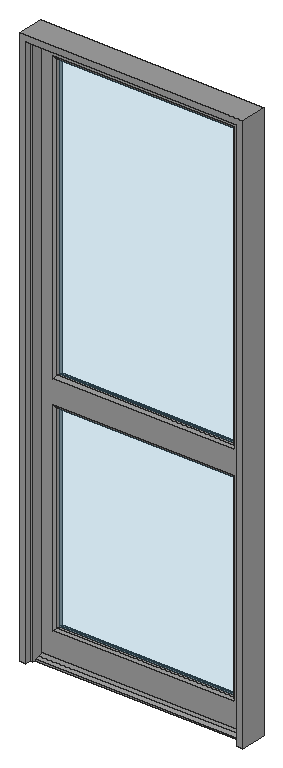
Revit family "NS-212 DOOR-VIP-0.25-PD-CW_v05", category Curtain Panels, Revit 2015
Parameters
  Width [instance] = 3' - 2"
  VIP 2 Panic Devices [instance] = not(VIP 1 Panic Devices)  # yes
  VIP 1 Panic Devices [instance] = no
  URL = "obe.com"
  Rough Width [instance] = 3' - 2"
  Panel Width [instance] = [Min-Max Panel Width]  # 2' - 11 1/2"
  Panel Offset [instance] = 0' - 0"
  Offset [instance] = 0' - 0"
  Model = "NS-212 DOOR"
  Min-Max Rough Width [instance] = if(and((Rough Width > 3' 1 255/256"), (Rough Width < 3' 8 1/256")), Rough Width, 3' 2 1/2")  # 3' - 2"
  Min-Max Panel Width [instance] = if(and((Rough Width > 3' 1 255/256"), (Rough Width < 3' 8 1/256")), Rough Width - 0' 2 1/2", 3' 0")  # 2' - 11 1/2"
  Manufacturer = "Oldcastle BuildingEnvelope®"
  Keynote = "08 11 00"
  Height [instance] = 8' - 0"
  Pushbar Height [instance] = 3' - 5 1/4"  # constant formula
  Glass Material = Glass
  Frame Material = Aluminum
  Door Panel Height [instance] = Height - 0' 0 5/8"  # 7' - 11 3/8"
  Description = "NS-212 - 1/4\" Door Infill"
  Assembly Code = "B2030"
  Analytic Construction = "<None>"
  6.5 Bottom Rail [instance] = not([4 Bottom Rail])  # no
  4 Bottom Rail [instance] = yes
Reference planes (in)
  plane 1 "Front": y = 0
  plane 2: z = 0
  plane 3 "Center (Left/Right)": x = 0
  plane 4 "Left": x = -19
  plane 5 "Right": x = 19
  plane 6 "Top": z = 96
  plane 7 "Offset": y = 0
  plane 8: y = -1.28244
  plane 9: y = -1.28244
  plane 10: x = -19
  plane 11: x = 19
Forms (in)
  Sweep 1, solid, material "Aluminum" <- "Frame Material"
    path origin (0, 0, 0) x (-1, 0, 0) y (0, 0, 1)
      loop
        line (19, 0) -> (19, 96)
    profile origin (-19, 0, 48) x (1, 0, 0) y (0, 1, 0)
      loop
        line (1, -1.97) -> (1, 0) -> (0, 0) -> (0, -4.5) -> (1, -4.5) -> (1, -3.595) -> (1.5, -3.595) -> (1.5, -1.97) -> (1, -1.97)
  Sweep 2, solid, material "Aluminum" <- "Frame Material"
    path origin (0, 0, 0) x (-1, 0, 0) y (0, 0, 1)
      loop
        line (-19, 0) -> (-19, 96)
    profile origin (19, 0, 48) x (1, 0, 0) y (0, 1, 0)
      loop
        line (-1, -1.97) -> (-1.5, -1.97) -> (-1.5, -3.595) -> (-1, -3.595) -> (-1, -4.5) -> (0, -4.5) -> (0, 0) -> (-1, 0) -> (-1, -1.97)
  Extrusion 3, solid, material "Aluminum" <- "Frame Material"
    sketch origin (-19, 0, 0) x (0, -1, 0) y (0, 0, 1)
      loop
        line (1.97, 94.5) -> (3.595, 94.5) -> (3.595, 95) -> (4.5, 95) -> (4.5, 96) -> (0, 96) -> (0, 95) -> (1.97, 95) -> (1.97, 94.5)
    from -38 to 0
Cuts and joins
  joined: Sweep 1, Sweep 2, Extrusion 3
Text (in)
  text "Exterior" at (-54.29358, 31.38743, 0), in view "Ref. Level"
  text "Exterior" at (480, 41.53993, 89.60405), in view "Right"
  text "Exterior" at (-240, 57.82419, 105.78864), in view "Left"
Dimensions and locks (in)
  equal spacing: plane 4 "Left", plane 3 "Center (Left/Right)", plane 5 "Right"
  "Width": plane 4 "Left" to plane 5 "Right"
  "Height": plane 6 "Top" to plane 2
  "Offset": plane 1 "Front" to plane 7 "Offset"
  locked: plane 7 "Offset" to plane 8 at 1.28244
  locked: plane 7 "Offset" to plane 9 at 1.28244
  Extrusion 3 sketch curve to Extrusion 3 sketch curve to Extrusion 3 sketch curve = 0' - 0 1/2" locked, 0' - 0" locked
  nested 1 to Extrusion 3 sketch curve to Extrusion 3 sketch curve to Extrusion 3 sketch curve to Extrusion 3 sketch curve = 0' - 0" locked, 0' - 1.97" locked, 0' - 1 5/8" locked, 0' - 0.905" locked
  equal spacing: plane 10, plane 3 "Center (Left/Right)", plane 11
  "Min-Max Rough Width": plane 10 to plane 11
  aligned and locked: level to plane 2
  aligned and locked: plane 3 "Center (Left/Right)" to nested 1
  aligned and locked: nested 1 to plane 7 "Offset"  (x2)
  aligned and locked: plane 6 "Top" to Sweep 1 sketch curve
  aligned and locked: level to Sweep 1 sketch curve
  aligned and locked: plane 6 "Top" to Sweep 2 sketch curve
  aligned and locked: level to Sweep 2 sketch curve
  aligned and locked: Extrusion 3 to plane 6 "Top"
  aligned and locked: Extrusion 3 sketch curve to plane 6 "Top"
  aligned and locked: Sweep 1 sketch curve to plane 10
  aligned and locked: cut or joined group of Sweep 1, Sweep 2, Extrusion 3 to plane 10
  aligned and locked: plane 11 to Sweep 2 sketch curve
  aligned and locked: cut or joined group of Sweep 1, Sweep 2, Extrusion 3 to plane 11
Automatic sketch dimensions
  Sweep 1 sketch curve to profile plane = 0' - 0"
  Sweep 1 sketch curve to plane 7 "Offset" = 0' - 0"
  Sweep 1 sketch curve to profile plane = 0' - 1"  (x2)
  Sweep 1 sketch curve to Sweep 1 sketch curve = 0' - 0 1/2"
  Sweep 1 sketch curve to plane 7 "Offset" = 0' - 1.97"
  Sweep 1 sketch curve to Sweep 1 sketch curve = 0' - 1 5/8"
  Sweep 1 sketch curve to Sweep 1 sketch curve = 0' - 0.905"
  Sweep 2 sketch curve to plane 7 "Offset" = 0' - 0"
  Sweep 2 sketch curve to profile plane = 0' - 0"
  profile plane to Sweep 2 sketch curve = 0' - 1"  (x2)
  Sweep 2 sketch curve to Sweep 2 sketch curve = 0' - 0 1/2"
  Sweep 2 sketch curve to plane 7 "Offset" = 0' - 1.97"
  Sweep 2 sketch curve to Sweep 2 sketch curve = 0' - 1 5/8"
  Sweep 2 sketch curve to Sweep 2 sketch curve = 0' - 0.905"
  plane 6 "Top" to Extrusion 3 sketch curve = 0' - 1"
Nested families (in)
  nested 1: "NS-212 DOOR-VIP-0.25-PD-Panel_v04" at (0, -6, 0), Frame Material <- "Frame Material", Glass Material <- "Glass Material", 4 Bottom Rail <- "4 Bottom Rail", Height <- "Door Panel Height", Width <- "Min-Max Panel Width", VIP 1 Panic Devices <- "VIP 1 Panic Devices", type "NS-212 DOOR-VIP-0.25-PD-Panel_v04"
    with built-in parameter 1001301 2' - 11 1/2", VIP 2 Panic Devices yes, VIP 1 Panic Devices no, Pushbar Height 3' - 5 1/4", Offset 0' - 0", built-in parameter 1001300 7' - 11 3/8", Glass at Muntin 0' - 4 9/16", Glass Material Glass, Frame Material Aluminum, Bottom Rail 0' - 4 31/32", 6.5 Bottom Rail no, 4 Bottom Rail yes
Definition of nested family "NS-212 DOOR-VIP-0.25-PD-Panel_v04"
  Parameters (values of type "NS-212 DOOR-VIP-0.25-PD-Panel_v04")
    Width [instance] = 4' - 0"
    VIP 2 Panic Devices [instance] = not(VIP 1 Panic Devices)  # yes
    VIP 1 Panic Devices [instance] = no
    Offset [instance] = 0' - 9 15/16"
    Height [instance] = 8' - 0"
    Glass at Muntin [instance] = if(VIP 1 Panic Devices, 0' 8 9/16", 0' 4 9/16")  # 0' - 4 9/16"
    Pushbar Height [instance] = 3' - 5 1/4"  # constant formula
    Glass Material [instance] = none
    Frame Material [instance] = none
    Bottom Rail [instance] = if([4 Bottom Rail], 0' 4 31/32", 0' 7 15/32")  # 0' - 7 15/32"
    Analytic Construction = "<None>"
    6.5 Bottom Rail [instance] = not([4 Bottom Rail])  # yes
    4 Bottom Rail [instance] = no
  Reference planes (in)
    plane 1 "00": y = -4.9375
    plane 2: z = 0
    plane 3 "Center (Left/Right)": x = 0
    plane 4: x = 24
    plane 5: x = -24
    plane 6 "Center (Front/Back)": y = 6
    plane 7 "Exterior": y = -4.8125
    plane 8: z = 48
    plane 9: z = 96
    plane 10: z = 5.50856
    plane 11: z = 43.53125
    plane 12: z = 38.96875
    plane 13: z = 7.46875
    plane 14: z = 92.96875
    plane 15 "Offset": y = -3.9375
    plane 16: z = 41.25
  Forms (in)
    Sweep 1, solid, material <- "Frame Material"
      path origin (0, -4.9375, 10.12192) x (1, 0, 0) y (0, 0, 1)
        loop
          line (-23.83795, 95.5) -> (23.83795, 95.5)
      profile origin (0, -4.9375, 105.62192) x (0, 0, 1) y (0, -1, 0)
        loop
          line (-9.99692, -0.875) -> (-9.99692, 0.875) -> (-12.36785, 0.875) -> (-12.87192, 0.45204) -> (-12.87192, 0.125) -> (-12.65317, 0.125) -> (-12.65317, -0.125) -> (-12.87192, -0.125) -> (-12.87192, -0.45204) -> (-12.36785, -0.875) -> (-9.99692, -0.875)
    Sweep 2, solid, material <- "Frame Material"
      path origin (0, -4.9375, 0) x (1, 0, 0) y (0, 0, 1)
        loop
          line (23.83795, 0) -> (-23.83795, 0)
      profile origin (0, -4.9375, 0) x (0, 0, -1) y (0, -1, 0)
        loop
          line (-7.18343, -0.875) -> (-0.68749, -0.875) -> (-0.68749, 0.875) -> (-7.18343, 0.875) -> (-7.6875, 0.45204) -> (-7.6875, 0.125) -> (-7.46875, 0.125) -> (-7.46875, -0.125) -> (-7.6875, -0.125) -> (-7.6875, -0.45204) -> (-7.18343, -0.875)
        loop
          line (-0.5, -1.1555) -> (-0.19364, -1.8125) -> (0, -1.8125) -> (0, 2.1875) -> (-0.19364, 2.1875) -> (-0.5, 1.5305) -> (-0.5, -1.1555)
    Sweep 3, solid, material <- "Frame Material"
      path origin (0, -4.9375, 0) x (1, 0, 0) y (0, 0, 1)
        loop
          line (24, 95.625) -> (24, 0.68749)
      profile origin (24, -4.9375, 48.15624) x (0, -1, 0) y (1, 0, 0)
        loop
          line (-0.875, -0.0625) -> (-0.875, -2.18343) -> (-0.45204, -2.6875) -> (-0.125, -2.6875) -> (-0.125, -2.46875) -> (0.125, -2.46875) -> (0.125, -2.6875) -> (0.45204, -2.6875) -> (0.875, -2.18343) -> (0.875, -0.16205) -> (-0.875, -0.0625)
    Sweep 4, solid, material <- "Frame Material"
      path origin (0, -4.9375, 0) x (1, 0, 0) y (0, 0, 1)
        loop
          line (-24, 95.625) -> (-24, 0.68749)
      profile origin (-24, -4.9375, 48.15624) x (0, -1, 0) y (1, 0, 0)
        loop
          line (0.875, 0.92628) -> (0.875, 2.18342) -> (0.45204, 2.68749) -> (0.125, 2.68749) -> (0.125, 2.46874) -> (-0.125, 2.46874) -> (-0.125, 2.68749) -> (-0.45204, 2.68749) -> (-0.875, 2.18342) -> (-0.875, 0.81728) -> (-0.875, 0.0625) -> (0.875, 0.16205) -> (0.875, 0.92628)
    Sweep 5, solid, material <- "Frame Material"
      path origin (0, -4.9375, 0) x (1, 0, 0) y (0, 0, 1)
        loop
          line (23.8285, 48) -> (-23.82372, 48)
      profile origin (0.00239, -4.9375, 48) x (0, 0, -1) y (0, -1, 0)
        loop
          line (4.24999, 0.45204) -> (4.24999, 0.125) -> (4.46875, 0.125) -> (4.46875, -0.125) -> (4.24999, -0.125) -> (4.24999, -0.45204) -> (4.75406, -0.875) -> (8.74593, -0.875) -> (9.25, -0.45204) -> (9.25, -0.125) -> (9.03125, -0.125) -> (9.03125, 0.125) -> (9.25, 0.125) -> (9.25, 0.45204) -> (8.74593, 0.875) -> (4.75406, 0.875) -> (4.24999, 0.45204)
    Extrusion 6, solid, material <- "Glass Material"
      sketch origin (0, 0, 0) x (1, 0, 0) y (0, 1, 0)
        loop
          line (-21.53126, -4.8125) -> (-21.53126, -5.0625) -> (21.53125, -5.0625) -> (21.53125, -4.8125) -> (-21.53126, -4.8125)
      from 43.53125 to 92.96875
    Extrusion 7, solid, material <- "Glass Material"
      sketch origin (0, 0, 0) x (1, 0, 0) y (0, 1, 0)
        loop
          line (-21.53126, -4.8125) -> (-21.53126, -5.0625) -> (21.53125, -5.0625) -> (21.53125, -4.8125) -> (-21.53126, -4.8125)
      from 7.46875 to 38.96875
  Cuts and joins
    joined: Sweep 1, Sweep 2, Sweep 3, Sweep 4, Sweep 5
  Lines and regions (in)
    model lines
      curve 1: line (21.3125, -4.8125, 92.75) -> (-21.31251, -4.8125, 48)
      curve 2: line (-21.31251, -4.8125, 48) -> (21.3125, -4.8125, 7.6875)
  Dimensions and locks (in)
    "Offset": plane 15 "Offset" to plane 6 "Center (Front/Back)"
    equal spacing: level, plane 8, plane 9
    "Width": plane 5 to plane 4
    locked: plane 5 to Extrusion 6 sketch curve at 2.46874
    locked: Extrusion 6 sketch curve to plane 4 at 2.46875
    locked: Extrusion 7 sketch curve to plane 4 at 2.46875
    locked: plane 5 to Extrusion 7 sketch curve at 2.46874
    locked: Sweep 1 sketch curve to plane 5 at 0.16205
    locked: plane 4 to Sweep 1 sketch curve at 0.16205
    locked: plane 4 to Sweep 5 sketch curve at 0.1715
    locked: Sweep 5 sketch curve to plane 5 at 0.17628
    locked: plane 4 to Sweep 2 sketch curve at 0.16205
    locked: Sweep 2 sketch curve to plane 5 at 0.16205
    "Height": plane 9 to plane 2
    "Glass at Muntin": plane 11 to plane 12
    locked: Sweep 5 sketch curve to plane 11 at 0.21876  (x2)
    locked: plane 11 to Sweep 5 sketch curve at 0.28531  (x2)
    locked: plane 12 to Sweep 5 sketch curve at 0.21875  (x2)
    locked: Sweep 5 sketch curve to plane 12 at 0.28532  (x2)
    locked: Sweep 2 sketch curve to plane 13 at 0.21875  (x2)
    locked: plane 13 to Sweep 2 sketch curve at 0.28532  (x2)
    "Bottom Rail": plane 13 to plane 2
    locked: plane 9 to plane 14 at 3.03125
    locked: plane 14 to Sweep 1 sketch curve at 0.21875  (x2)
    locked: Sweep 1 sketch curve to plane 14 at 0.28532  (x2)
    equal spacing: plane 5, plane 3 "Center (Left/Right)", plane 4
    plane 1 "00" to plane 7 "Exterior" to plane 15 "Offset" = 0' - 0 1/8" locked, 0' - 0 7/8" locked
    locked: plane 9 to Sweep 3 sketch curve at 0.375
    locked: plane 9 to Sweep 4 sketch curve at 0.375
    equal spacing: plane 11, plane 16, plane 12
    "Pushbar Height": plane 16 to plane 2
    locked: Sweep 4 sketch curve to plane 2 at 0.68749
    locked: Sweep 3 sketch curve to plane 2 at 0.68749
    aligned and locked: plane 2 to level
    aligned and locked: Sweep 2 sketch curve to level
    aligned and locked: plane 4 to Sweep 3 sketch curve
    aligned and locked: plane 5 to Sweep 4 sketch curve
    aligned and locked: Extrusion 7 to cut or joined group of Sweep 1, Sweep 2, Sweep 3, Sweep 4, Sweep 5
    aligned and locked: Extrusion 6 to cut or joined group of Sweep 1, Sweep 2, Sweep 3, Sweep 4, Sweep 5
    aligned and locked: plane 11 to Extrusion 6
    aligned and locked: Extrusion 7 to plane 12
    aligned and locked: Extrusion 6 to plane 14
    aligned and locked: plane 13 to Extrusion 7
    aligned and locked: plane 8 to curve 1
  Automatic sketch dimensions
    Sweep 1 sketch curve to plane 1 "00" = 0' - 0 7/8"
    Sweep 1 sketch curve to Sweep 1 sketch curve = 0' - 2.37093"
    Sweep 1 sketch curve to plane 1 "00" = 0' - 0.45204"
    Sweep 1 sketch curve to plane 1 "00" = 0' - 0 1/8"
    plane 1 "00" to Sweep 1 sketch curve = 0' - 0 1/8"
    plane 1 "00" to Sweep 1 sketch curve = 0' - 0 7/8"
    Sweep 1 sketch curve to Sweep 1 sketch curve = 0' - 0.32704"
    plane 9 to Sweep 1 sketch curve = 0' - 9.62192"
    Sweep 5 sketch curve to plane 1 "00" = 0' - 0 7/8"
    Sweep 5 sketch curve to plane 1 "00" = 0' - 0.45204"  (x2)
    Sweep 5 sketch curve to plane 1 "00" = 0' - 0 1/8"  (x2)
    plane 1 "00" to Sweep 5 sketch curve = 0' - 0 1/8"  (x2)
    Sweep 5 sketch curve to Sweep 5 sketch curve = 0' - 0.32704"  (x2)
    Sweep 5 sketch curve to Sweep 5 sketch curve = 0' - 0.42296"
    Sweep 5 sketch curve to Sweep 5 sketch curve = 0' - 0 7/32"  (x2)
    Sweep 1 sketch curve to Sweep 1 sketch curve = 0' - 0 7/32"
    Sweep 2 sketch curve to profile plane = 0' - 0"
    Sweep 2 sketch curve to Sweep 2 sketch curve = 0' - 0 7/32"
    profile plane to Sweep 2 sketch curve = 0' - 0 11/16"
    Sweep 2 sketch curve to Sweep 2 sketch curve = 0' - 0 3/16"
    Sweep 2 sketch curve to Sweep 2 sketch curve = 0' - 0.19364"  (x2)
    Sweep 2 sketch curve to plane 1 "00" = 0' - 1 13/16"
    Sweep 2 sketch curve to Sweep 2 sketch curve = 0' - 0.657"  (x2)
    Sweep 2 sketch curve to Sweep 2 sketch curve = 0' - 0.2805"
    Sweep 2 sketch curve to plane 1 "00" = 0' - 0.45204"
    Sweep 2 sketch curve to plane 1 "00" = 0' - 0 1/8"
    plane 1 "00" to Sweep 2 sketch curve = 0' - 0 1/8"
    Sweep 2 sketch curve to Sweep 2 sketch curve = 0' - 0.32704"
    Sweep 2 sketch curve to Sweep 2 sketch curve = 0' - 0.42296"
    Sweep 2 sketch curve to Sweep 2 sketch curve = 0' - 0.6555"
    Sweep 5 sketch curve to plane 8 = 0' - 0"
    plane 7 "Exterior" to Extrusion 7 sketch curve = 0' - 0"
    plane 1 "00" to Extrusion 7 sketch curve = 0' - 0 1/8"
    plane 7 "Exterior" to Extrusion 6 sketch curve = 0' - 0"
    plane 1 "00" to Extrusion 6 sketch curve = 0' - 0 1/8"
    Sweep 4 sketch curve to profile plane = 0' - 0 1/16"
    Sweep 4 sketch curve to plane 1 "00" = 0' - 0 7/8"
    Sweep 4 sketch curve to plane 1 "00" = 0' - 0.45204"
    Sweep 4 sketch curve to plane 1 "00" = 0' - 0 1/8"
    plane 1 "00" to Sweep 4 sketch curve = 0' - 0 1/8"
    Sweep 4 sketch curve to Sweep 4 sketch curve = 0' - 0.32704"
    plane 1 "00" to Sweep 4 sketch curve = 0' - 0 7/8"
    Sweep 4 sketch curve to Sweep 4 sketch curve = 0' - 0.75478"
    Sweep 4 sketch curve to profile plane = 0' - 0.92628"
    Sweep 4 sketch curve to Sweep 4 sketch curve = 0' - 1.36614"
    Sweep 4 sketch curve to Sweep 4 sketch curve = 0' - 1.25714"
    Sweep 4 sketch curve to Sweep 4 sketch curve = 0' - 0.28532"
    Sweep 4 sketch curve to Sweep 4 sketch curve = 0' - 0 7/32"  (x2)
    Sweep 4 sketch curve to profile plane = 0' - 0.16205"
    profile plane to Sweep 3 sketch curve = 0' - 0 1/16"
    Sweep 3 sketch curve to plane 1 "00" = 0' - 0 7/8"
    Sweep 3 sketch curve to plane 1 "00" = 0' - 0.45204"
    Sweep 3 sketch curve to plane 1 "00" = 0' - 0 1/8"
    plane 1 "00" to Sweep 3 sketch curve = 0' - 0 1/8"
    Sweep 3 sketch curve to Sweep 3 sketch curve = 0' - 0.32704"
    Sweep 3 sketch curve to Sweep 3 sketch curve = 0' - 0.42296"
    Sweep 3 sketch curve to Sweep 3 sketch curve = 0' - 2.12093"
    Sweep 3 sketch curve to Sweep 3 sketch curve = 0' - 0"
    Sweep 3 sketch curve to Sweep 3 sketch curve = 0' - 0.28532"
    Sweep 3 sketch curve to Sweep 3 sketch curve = 0' - 0 7/32"  (x2)
    profile plane to Sweep 3 sketch curve = 0' - 0.16205"
    plane 5 to curve 1 = 0' - 2 11/16"
    plane 13 to curve 2 = 0' - 0 7/32"
    curve 2 to plane 4 = 0' - 2 11/16"
    curve 1 to plane 14 = 0' - 0 7/32"
    curve 1 to plane 4 = 0' - 2 11/16"
